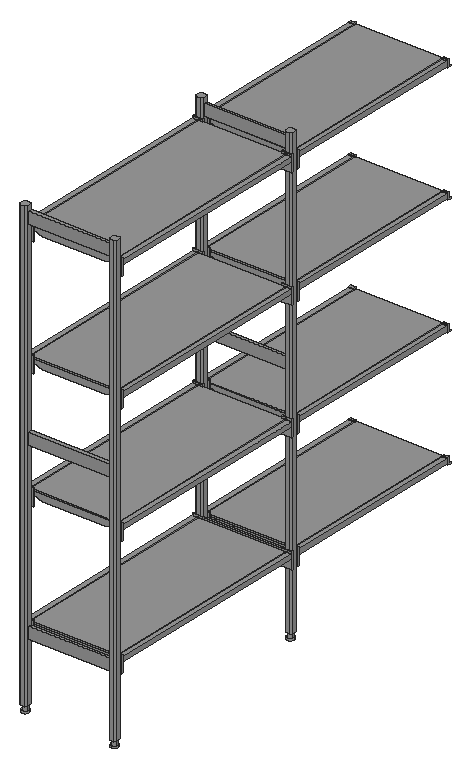
Revit family "QF_ELECTROLUXPROFESSIONAL_137059_ACS1574", category Attrezzature speciali, Revit 2020 (continued)
Definition of nested family "WT_Aggancio373"
  Dimensions and locks
    "Depth": plane 3 "BACK" to plane 4 "FRONT"
    "Dint": plane 7 to plane 8
    equal spacing: plane 7, plane 6 "Center (Front/Back)", plane 8
    equal spacing: plane 3 "BACK", plane 6 "Center (Front/Back)", plane 4 "FRONT"
    plane 9 "FEET" to level = 25.0 mm
    plane 5 "TOP" to plane 9 "FEET" = 1700.0 mm
    plane 10 to plane 9 "FEET" = 250.0 mm
    plane 11 to plane 10 = 450.0 mm
    plane 12 to plane 11 = 450.0 mm
    plane 13 to plane 12 = 450.0 mm
    locked: plane 3 "BACK" to plane 15 "CYBack" at 17.5
    locked: plane 16 "CYFront" to plane 4 "FRONT" at 17.5
    aligned and locked: level to plane 1
    aligned and locked: Extrusion 1 sketch curve to Extrusion 1 sketch curve  (x3)
  Automatic sketch dimensions
    plane 16 "CYFront" to Extrusion 1 sketch curve = 1.478 mm  (x4)
    Extrusion 1 sketch curve to Extrusion 1 sketch curve = 2.0 mm
    plane 8 to Extrusion 1 sketch curve = 3.478 mm  (x4)
    Extrusion 1 sketch curve to plane 10 = 4.006 mm
    Extrusion 1 sketch curve to Extrusion 1 sketch curve = 34.0 mm  (x4)
    Extrusion 1 sketch curve to plane 11 = 4.006 mm
    Extrusion 1 sketch curve to plane 12 = 4.006 mm
    Extrusion 1 sketch curve to plane 13 = 4.006 mm
    Extrusion 1 sketch curve to plane 7 = 37.522 mm  (x4)
    Extrusion 1 sketch curve to plane 7 = 3.522 mm  (x4)
    plane 14 to Extrusion 1 sketch curve = 3.516 mm  (x4)
    plane 14 to Extrusion 1 sketch curve = 1.522 mm  (x4)
    plane 10 to Extrusion 1 sketch curve = 7.998 mm  (x2)
    Extrusion 1 sketch curve to Extrusion 1 sketch curve = 11.498 mm  (x4)
    Extrusion 1 sketch curve to Extrusion 1 sketch curve = 6.499 mm  (x8)
    plane 11 to Extrusion 1 sketch curve = 7.998 mm  (x2)
    plane 12 to Extrusion 1 sketch curve = 7.998 mm  (x2)
    plane 13 to Extrusion 1 sketch curve = 7.998 mm  (x2)
    plane 2 "LEFT" to Extrusion 2 sketch curve = 0.0 mm  (x4)
    plane 13 to Extrusion 2 sketch curve = 7.996 mm
    plane 11 to Extrusion 2 sketch curve = 7.996 mm
    Extrusion 2 sketch curve to Extrusion 2 sketch curve = 5.0 mm  (x4)
    plane 11 to Extrusion 2 sketch curve = 2.494 mm
    plane 10 to Extrusion 2 sketch curve = 28.996 mm
    Extrusion 2 sketch curve to Extrusion 2 sketch curve = 3.0 mm  (x4)
    plane 10 to Extrusion 2 sketch curve = 7.996 mm
    plane 10 to Extrusion 2 sketch curve = 2.494 mm
    Extrusion 2 sketch curve to Extrusion 2 sketch curve = 18.0 mm  (x3)
    plane 12 to Extrusion 2 sketch curve = 2.494 mm
    plane 12 to Extrusion 2 sketch curve = 7.996 mm
    plane 13 to Extrusion 2 sketch curve = 2.494 mm
    plane 2 "LEFT" to Extrusion 3 sketch curve = 0.0 mm  (x4)
    plane 13 to Extrusion 3 sketch curve = 7.996 mm
    plane 11 to Extrusion 3 sketch curve = 7.996 mm
    Extrusion 3 sketch curve to Extrusion 3 sketch curve = 5.0 mm  (x4)
    plane 11 to Extrusion 3 sketch curve = 2.494 mm
    plane 10 to Extrusion 3 sketch curve = 28.996 mm
    Extrusion 3 sketch curve to Extrusion 3 sketch curve = 3.0 mm  (x4)
    plane 10 to Extrusion 3 sketch curve = 7.996 mm
    plane 10 to Extrusion 3 sketch curve = 2.494 mm
    Extrusion 3 sketch curve to Extrusion 3 sketch curve = 18.0 mm  (x3)
    plane 12 to Extrusion 3 sketch curve = 2.494 mm
    plane 12 to Extrusion 3 sketch curve = 7.996 mm
    plane 13 to Extrusion 3 sketch curve = 2.494 mm
    plane 2 "LEFT" to curve 1 = 5.0 mm
    plane 2 "LEFT" to curve 7 = 5.0 mm
    curve 1 to plane 16 "CYFront" = 17.5 mm
    curve 3 to plane 8 = 12.522 mm
    plane 7 to curve 5 = 12.478 mm
    curve 7 to plane 14 = 17.5 mm
    curve 5 to curve 5 = 4.0 mm
    curve 1 to curve 4 = 4.0 mm
    Extrusion 2 sketch curve to Extrusion 2 sketch curve = 4.0 mm  (x4)
    Extrusion 2 sketch curve to Extrusion 2 sketch curve = 8.969 mm  (x4)
    Extrusion 3 sketch curve to Extrusion 3 sketch curve = 4.0 mm  (x4)
    Extrusion 3 sketch curve to Extrusion 3 sketch curve = 8.969 mm  (x4)
